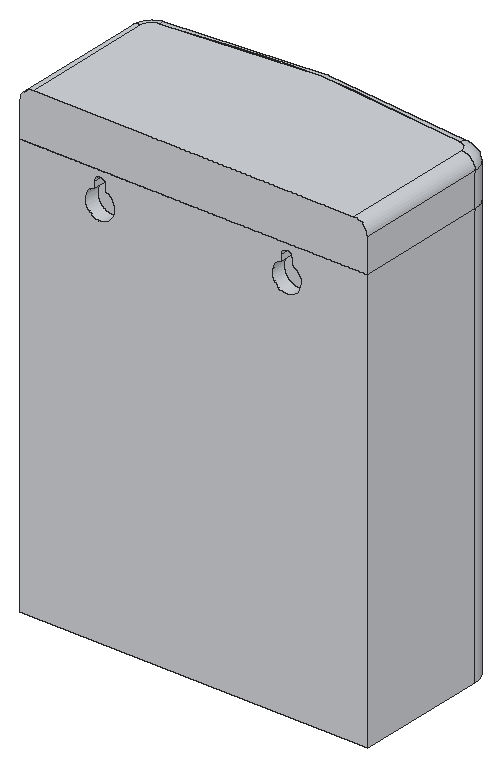
Revit family "AX8422_0008", category Appareils sanitaires, Revit 2016
Family settings
  Hôte = Mur
  Type d'élément = Normal
  Cote de connecteur circulaire = Utiliser le diamètre
  Numéro OmniClass = 23.75.00.00
  Titre OmniClass = Climate Control (HVAC)
  Toujours verticalement = Oui
  Couper avec des vides une fois chargée = Non
  Partagée = Non
  Point de calcul de pièce = Non
Parameters (values of type "Type 1")
  URL = "https://www.axeuro.com/fr/hygiene-feminine/25442-poubelle-pour-hygiene-feminine-ax8422.html?search_query=ax8422&results=1"
  Type de produit / Type of product = "Poubelle pour hygiène féminine / Feminine hygiene waste receptacle"  # constant formula
  Référence / Reference = "AX8422, AX8422-MBK"  # constant formula
  Model = ""
  Manufacturer = ""
  Entreprise / Company = "Axeuro"  # constant formula
  Description = ""
Reference planes
  plane 1 "Mur": y = 0
  plane 2 "Centre (gauche/droite)": x = 0
  plane 3 "Arrière": y = 75
Forms (mm)
  Extrusion 1, solid
    sketch origin (0, 0, 0) x (1, 0, 0) y (0, 1, 0)
      loop
        line (95, 75) -> (95, 148.431)
        arc (95, 148.431) -> (91.681, 157.123) -> (83.414, 161.392) r 13.043
        arc (83.414, 161.392) -> (0, 169) -> (-83.414, 161.392) r 461.073
        arc (-83.414, 161.392) -> (-91.681, 157.123) -> (-95, 148.431) r 13.043
        line (-95, 148.431) -> (-95, 75) -> (95, 75)
    from 1088.717 to 1320.717
  Extrusion 2, void
    sketch origin (0, 75, 3) x (1, 0, 0) y (0, 0, 1)
      loop
        line (13.35, 1317.717) -> (-13.35, 1317.717)
        arc (-13.35, 1317.717) -> (0, 1309.517) -> (13.35, 1317.717) r 14.967
    from -97.91 to -80
  Extrusion 3, void
    sketch origin (-192.012, 0, 30.145) x (1, 0, 0) y (0, 0, 1)
      loop
        line (143.895, 1281.017) -> (143.895, 1284.436)
        arc (143.895, 1284.436) -> (140.995, 1287.336) -> (138.095, 1284.436) r 2.9
        line (138.095, 1284.436) -> (138.095, 1281.02)
        arc (138.095, 1281.02) -> (140.986, 1265.572) -> (143.895, 1281.017) r 7.996
    from -82.873 to -75
  Extrusion 4, void
    sketch origin (192.012, 0, 30.145) x (-1, 0, 0) y (0, 0, -1)
      loop
        arc (143.895, -1281.017) -> (140.986, -1265.572) -> (138.095, -1281.02) r 7.996
        line (138.095, -1281.02) -> (138.095, -1284.436)
        arc (138.095, -1284.436) -> (140.995, -1287.336) -> (143.895, -1284.436) r 2.9
        line (143.895, -1284.436) -> (143.895, -1281.017)
    from -82.873 to -75
  Extrusion 5, solid
    sketch origin (0, 0, 232) x (1, 0, 0) y (0, 1, 0)
      loop
        line (95, 75) -> (95, 148.431)
        arc (95, 148.431) -> (91.681, 157.123) -> (83.414, 161.392) r 13.043
        arc (83.414, 161.392) -> (0, 169) -> (-83.414, 161.392) r 461.073
        arc (-83.414, 161.392) -> (-91.681, 157.123) -> (-95, 148.431) r 13.043
        line (-95, 148.431) -> (-95, 75) -> (95, 75)
    from 1088.717 to 1114.717
  Sweep 6, void
    path in 3D
      loop
        line (95, 75, 1346.717) -> (95, 148.431, 1346.717)
        arc (95, 148.431, 1346.717) -> (91.681, 157.123, 1346.717) -> (83.414, 161.392, 1346.717) r 13.043
        arc (83.414, 161.392, 1346.717) -> (0, 169, 1346.717) -> (-83.414, 161.392, 1346.717) r 461.073
        arc (-83.414, 161.392, 1346.717) -> (-91.681, 157.123, 1346.717) -> (-95, 148.431, 1346.717) r 13.043
        line (-95, 148.431, 1346.717) -> (-95, 75, 1346.717)
    profile origin (-95, 111.715, 1346.717) x (1, 0, 0) y (0, 0, 1)
      loop
        arc (0, -7.355) -> (2.154, -2.154) -> (7.355, 0) r 7.355
        line (7.355, 0) -> (7.355, 4.75) -> (-7.015, 4.75) -> (-7.015, -7.355) -> (0, -7.355)
Cuts and joins
  Extrusion 2, Extrusion 3, Extrusion 4 cuts Extrusion 1
  Sweep 6 cuts Extrusion 5
Lines and regions (mm)
  reference lines
    curve 1: line (-95, 112.14, 0) -> (95, 112.14, 0)
  sketch lines
    curve 2: line (-95, 148.431, 1346.717) -> (-95, 75, 1346.717)
    curve 3: arc (-95, 148.431, 1346.717) -> (-91.681, 157.123, 1346.717) -> (-83.414, 161.392, 1346.717) r 13.043
    curve 4: arc (-83.414, 161.392, 1346.717) -> (0, 169, 1346.717) -> (83.414, 161.392, 1346.717) r 461.073
    curve 5: arc (83.414, 161.392, 1346.717) -> (91.681, 157.123, 1346.717) -> (95, 148.431, 1346.717) r 13.043
    curve 6: line (95, 75, 1346.717) -> (95, 148.431, 1346.717)
Text (mm)
  text "Côté de la mise en place" at (-1820.995, 1116.779, 0), in view "Niveau de réf."
  text "Côté de la mise en place" at (0, 1334.055, 2976.191), in view "Gauche"
  text "Côté de la mise en place" at (0, 439.194, 2944.362), in view "Droite"
Dimensions and locks
  locked: plane 3 "Arrière" to host wall
  aligned and locked: plane 1 "Mur" to host wall
